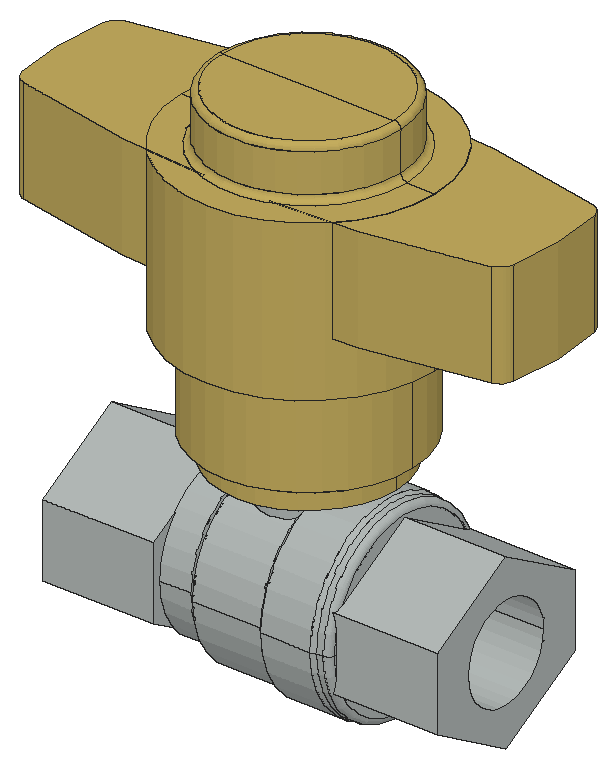
Revit family "QP00780000", category Apparecchi idraulici, Revit 2020
Family settings
  Quota connettore circolare = Usa diametro
  Tipo di parte = Normale
  Numero OmniClass = 23.45.00.00
  Titolo OmniClass = Sanitary, Laundry, and Cleaning Equipment
  Basato su piano di lavoro = No
  Sempre verticale = Sì
  Taglio con vuoti quando caricato = No
  Condiviso = No
  Punto di calcolo locali = No
Parameters
  URL = "https://web.cimberio.com/index.php/figura/925?subcategoria_id="
  Temperatura di esercizio = "-20 ÷ 60°C"
  Prospetto di default = 0 mm
  Produttore = "CIMBERIO SPA"
  Pressione nominale = "MOP 5"
  Modello = "Cim 16GLD"
  Materiale = "Prodotto in lega di ottone conforme alla norma EN 12165-CW617N-DW"
  Descrizione = "Utilizzato nell’impiantistica distributiva di gas a bassa pressione per le categorie:\r\nGas naturali: gas derivati dal petrolio (Metano) e gas di ricambio.\r\nGas di città: prodotti secondo i diversi procedimenti (Cracking - Cokerie - ecc.).\r\nGas liquidi: propano e miscele di gas propano/butano."
  DN Model [instance] = QP00781015 : QP00781015
  DN [instance] = 15 mm
  Commenti sul tipo = "Realizzato in ottemperanza ai requisiti gestionali della norma EN ISO 9001.\r\nCollaudato al 100% secondo la normativa EN 12266-1"
Reference planes
  plane 1 "Centro (Fronte/Retro)": y = 0
  plane 2: z = 0
  plane 3 "Centro (Sinistra/Destra)": x = 0
Dimensions and locks
  aligned and locked: level to plane 2
Nested families
  nested 1: "QP00781015" at (0, 0, 0), type <- "DN Model", type "QP00781015"
  nested 2: "QP00781015" at (0, 0, 0), type <- "DN Model", type "QP00781015"
  nested 3: "QP00781015" at (0, 0, 0), type <- "DN Model", type "QP00781015"
  nested 4: "QP00781015" at (0, 0, 0), type <- "DN Model", type "QP00781015"
  nested 5: "QP00781015" at (0, 0, 0), type <- "DN Model", type "QP00781015"
  nested 6: "QP00781015" at (0, 0, 0), type <- "DN Model", type "QP00781015"
  nested 7: "QP00781015" at (0, 0, 0), type <- "DN Model", type "QP00781015"
  nested 8: "QP00781015" at (0, 0, 0), type <- "DN Model", type "QP00781015"
  nested 9: "QP00781015" at (0, 0, 0), type <- "DN Model", type "QP00781015"
Connectors
  piping at (13.5, 0.002, 0), diameter 15, driven by "DN"
    settings: on nested 1, index 1, connector inside diameter 609.6 mm, connector length 0 mm, flow factor 0, pipe flow 0.0 L/s, pressure drop 0.0 Pa, fitting loss kfactor 0, connector angle 0.00°, fixture units 0, engagement length 0 mm, angle of deflection 0.00°, flow configuration 0, flow direction 0, fitting loss method 0, system type 7, joint type 0, gender type 0, connector reference index -1, connector utility 0, adjustable connector no, is connector primary yes, connector description ""
  piping at (-13.5, 0, 0), diameter 15, driven by "DN"
    settings: on nested 1, index 2, connector inside diameter 609.6 mm, connector length 0 mm, flow factor 0, pipe flow 0.0 L/s, pressure drop 0.0 Pa, fitting loss kfactor 0, connector angle 0.00°, fixture units 0, engagement length 0 mm, angle of deflection 0.00°, flow configuration 0, flow direction 0, fitting loss method 0, system type 7, joint type 0, gender type 0, connector reference index -1, connector utility 0, adjustable connector no, is connector primary no, connector description ""
Definition of nested family "QP00781015"
  Parameters (values of type "QP00781015")
    Default Elevation = 0 mm
  Reference planes
    plane 1 "Centro (Fronte/Retro)": y = 0
    plane 2: z = 0
    plane 3 "Centro (Sinistra/Destra)": x = 0
  Forms (mm)
    Revolve 1, solid
      sketch origin (0, 0, 0) x (1, 0, 0) y (0, 1, 0)
        loop
          line (-13.5, 7.5) -> (15.1, 7.5) -> (15.1, 13.75)
          arc (15.1, 13.75) -> (14.807, 14.457) -> (14.1, 14.75) r 1
          line (14.1, 14.75) -> (13.04, 14.75) -> (12.286, 15) -> (4.6, 15) -> (3.7, 14.1) -> (-6.9, 14.1) -> (-8.5, 12.5) -> (-13.5, 12.5) -> (-13.5, 7.5)
        axis (-13.5, 0) -> (15.1, 0)
      angle from 0 to 360
    Extrusion 2, solid
      sketch origin (0, 0, 0) x (0, 1, 0) y (0, 0, 1)
        loop
          circle (0, 0) r 7.5
        loop
          line (0, 13.5) -> (-13.5, 5.706) -> (-13.5, -5.706) -> (0, -13.5) -> (13.5, -5.706) -> (13.5, 5.706) -> (0, 13.5)
      from -31 to -13.5
    Extrusion 3, solid
      sketch origin (0, 0, 0) x (0, 1, 0) y (0, 0, -1)
        loop
          circle (0, 0) r 7.5
        loop
          line (0, -13.5) -> (13.489, -5.712) -> (13.489, 5.712) -> (0, 13.5) -> (-13.484, 5.715) -> (-13.484, -5.715) -> (0, -13.5)
      from -31.1 to -13.5
    Revolve 4, solid
      sketch origin (0, 0, 0) x (1, 0, 0) y (0, 0, 1)
        loop
          line (0.099, 21) -> (-7.603, 21) -> (-7.603, 9.88) -> (0.099, 9.88) -> (0.099, 21)
        axis (0.099, 21) -> (0.099, 9.88)
      angle from 0 to 360
    Extrusion 5, solid
      sketch origin (0, 0, 0) x (1, 0, 0) y (0, 0, 1)
        loop
          line (-7, 21) -> (-12, 21) -> (-12, 11.794) -> (-7, 11.794) -> (-7, 21)
      from -1.5 to 1.5
    Revolve 6, solid
      sketch origin (0, 0, 0) x (1, 0, 0) y (0, 0, 1)
        loop
          line (-7, 21) -> (0, 21) -> (0, 26.646) -> (-7, 26.646) -> (-7, 21)
        axis (0, 26.646) -> (0, 21)
      angle from 0 to 360
    Revolve 7, solid
      sketch origin (0, 0, 0) x (1, 0, 0) y (0, 0, 1)
        loop
          line (0, 16.9) -> (13.902, 16.9) -> (13.902, 19.4) -> (16.4, 20.833) -> (16.4, 35.8) -> (19.966, 35.8) -> (19.966, 60.8) -> (15.499, 60.8)
          arc (15.499, 60.8) -> (14.792, 61.093) -> (14.5, 61.8) r 1
          line (14.5, 61.8) -> (14.5, 67.801)
          arc (14.5, 67.801) -> (14.207, 68.507) -> (13.5, 68.8) r 1
          line (13.5, 68.8) -> (0, 68.8) -> (0, 16.9)
        axis (0, 68.8) -> (0, 16.9)
      angle from 0 to 360
    Extrusion 8, solid
      sketch origin (0, 0, 0) x (1, 0, 0) y (0, 1, 0)
        loop
          arc (0, 14.5) -> (-18.572, 13.342) -> (-36.856, 9.886) r 149.5
          arc (-36.856, 9.886) -> (-38.047, 9.19) -> (-38.688, 7.967) r 2.5
          arc (-38.688, 7.967) -> (-39.5, 0) -> (-38.688, -7.967) r 39.5
          arc (-38.688, -7.967) -> (-38.047, -9.19) -> (-36.856, -9.886) r 2.5
          arc (-36.856, -9.886) -> (-18.572, -13.342) -> (0, -14.5) r 149.5
          arc (0, -14.5) -> (18.572, -13.342) -> (36.856, -9.886) r 149.5
          arc (36.856, -9.886) -> (38.047, -9.19) -> (38.688, -7.967) r 2.5
          arc (38.688, -7.967) -> (39.5, 0) -> (38.688, 7.967) r 39.5
          arc (38.688, 7.967) -> (38.047, 9.19) -> (36.856, 9.886) r 2.5
          arc (36.856, 9.886) -> (18.572, 13.342) -> (0, 14.5) r 149.5
      from 44.42 to 60.8
  Cuts and joins
    joined: Revolve 1, Revolve 4, Extrusion 5
  Dimensions and locks
    aligned and locked: level to plane 2
